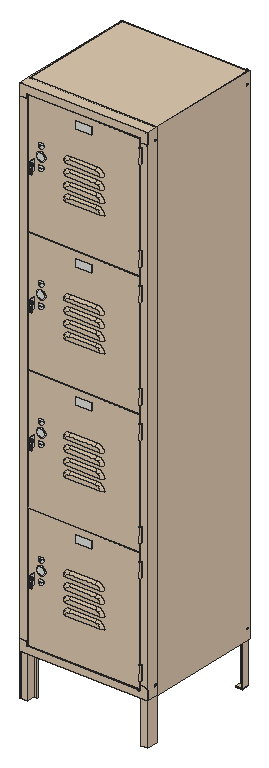
Revit family "Metal_Lockers-Salsbury_Industries-18_54000_Series-1_Wide_Units", category Specialty Equipment, Revit 2016 (continued)
Definition of nested family "Metal Locker Doors-18 inch with Latch Hasps"
  Forms (in)
    Extrusion 6, void
      sketch origin (0, -0.45, 0) x (1, 0, 0) y (0, 0, 1)
        loop
          line (-7.263, 9.399) -> (-7.263, 7.961) -> (-7.013, 7.961) -> (-7.013, 9.399) -> (-7.263, 9.399)
      from -0.9 to 0
    Blend 7, solid, material <- "Primary Structure Material", visible <- "Visible"
      base sketch origin (0.875, -0.45, 3.057) x (1, 0, 0) y (0, 0, 1)
        loop
          line (-3.75, 7.593) -> (2, 7.593)
          arc (2, 7.593) -> (1.70711, 8.30011) -> (1, 8.593) r 1
          line (1, 8.593) -> (-2.75, 8.593)
          arc (-2.75, 8.593) -> (-3.45711, 8.30011) -> (-3.75, 7.593) r 1
      top sketch origin (0.875, -0.6375, 3.057) x (1, 0, 0) y (0, 0, 1)
        loop
          line (-3.30734, 7.593) -> (1.55734, 7.593)
          arc (1.55734, 7.593) -> (1.39259, 7.99075) -> (0.99484, 8.1555) r 0.5625
          line (0.99484, 8.1555) -> (-2.74484, 8.1555)
          arc (-2.74484, 8.1555) -> (-3.14259, 7.99075) -> (-3.30734, 7.593) r 0.5625
      from 0 to 0
    Blend 8, solid, material <- "Primary Structure Material", visible <- "Visible"
      base sketch origin (0.875, -0.45, 4.501) x (1, 0, 0) y (0, 0, 1)
        loop
          line (-3.75, 4.524) -> (2, 4.524)
          arc (2, 4.524) -> (1.70711, 5.23111) -> (1, 5.524) r 1
          line (1, 5.524) -> (-2.75, 5.524)
          arc (-2.75, 5.524) -> (-3.45711, 5.23111) -> (-3.75, 4.524) r 1
      top sketch origin (0.875, -0.6375, 4.501) x (1, 0, 0) y (0, 0, 1)
        loop
          line (-3.30734, 4.524) -> (1.55734, 4.524)
          arc (1.55734, 4.524) -> (1.39612, 4.91321) -> (1.00691, 5.07443) r 0.55043
          line (1.00691, 5.07443) -> (-2.75691, 5.07443)
          arc (-2.75691, 5.07443) -> (-3.14612, 4.91321) -> (-3.30734, 4.524) r 0.55043
      from 0 to 0
    Blend 9, solid, material <- "Primary Structure Material", visible <- "Visible"
      base sketch origin (0.875, -0.45, -0.193) x (1, 0, 0) y (0, 0, 1)
        loop
          line (-3.75, 7.593) -> (2, 7.593)
          arc (2, 7.593) -> (1.70711, 8.30011) -> (1, 8.593) r 1
          line (1, 8.593) -> (-2.75, 8.593)
          arc (-2.75, 8.593) -> (-3.45711, 8.30011) -> (-3.75, 7.593) r 1
      top sketch origin (0.875, -0.6375, -0.193) x (1, 0, 0) y (0, 0, 1)
        loop
          line (-3.30734, 7.593) -> (1.55734, 7.593)
          arc (1.55734, 7.593) -> (1.40401, 7.96317) -> (1.03384, 8.1165) r 0.5235
          line (1.03384, 8.1165) -> (-2.78384, 8.1165)
          arc (-2.78384, 8.1165) -> (-3.15401, 7.96317) -> (-3.30734, 7.593) r 0.5235
      from 0 to 0
    Blend 10, solid, material <- "Primary Structure Material", visible <- "Visible"
      base sketch origin (0.875, -0.45, 1.251) x (1, 0, 0) y (0, 0, 1)
        loop
          line (-3.75, 4.524) -> (2, 4.524)
          arc (2, 4.524) -> (1.70711, 5.23111) -> (1, 5.524) r 1
          line (1, 5.524) -> (-2.75, 5.524)
          arc (-2.75, 5.524) -> (-3.45711, 5.23111) -> (-3.75, 4.524) r 1
      top sketch origin (0.875, -0.6375, 1.251) x (1, 0, 0) y (0, 0, 1)
        loop
          line (-3.30734, 4.524) -> (1.55734, 4.524)
          arc (1.55734, 4.524) -> (1.39629, 4.9128) -> (1.00749, 5.07385) r 0.54985
          line (1.00749, 5.07385) -> (-2.75749, 5.07385)
          arc (-2.75749, 5.07385) -> (-3.14629, 4.9128) -> (-3.30734, 4.524) r 0.54985
      from 0 to 0
    Blend 11, solid, material <- "Hasp Plate Rivet Material", visible <- "Visible", detail levels medium+fine
      base sketch origin (0, -0.45, 0) x (1, 0, 0) y (0, 0, 1)
        loop
          circle (-6.076, 8.68) r 0.375
      top sketch origin (0, -0.45, 0) x (1, 0, 0) y (0, 0, 1)
        loop
          circle (-6.076, 8.68) r 0.09706
      from 0 to 0.03497
    Blend 12, solid, material <- "Hasp Plate Rivet Material", visible <- "Visible", detail levels medium+fine
      base sketch origin (0, -0.45, 2.83682) x (1, 0, 0) y (0, 0, 1)
        loop
          circle (-6.076, 8.68) r 0.375
      top sketch origin (0, -0.45, 2.83682) x (1, 0, 0) y (0, 0, 1)
        loop
          circle (-6.076, 8.68) r 0.09706
      from 0 to 0.03497
    Blend 13, solid, material <- "Hasp Plate Rivet Material", visible <- "Visible", detail levels medium+fine
      base sketch origin (0, -0.45, -0.16841) x (1, 0, 0) y (0, 0, 1)
        loop
          circle (-6.076, 10.26682) r 0.625
      top sketch origin (0, -0.45, -0.16841) x (1, 0, 0) y (0, 0, 1)
        loop
          circle (-6.076, 10.26682) r 0.58088
      from 0 to 0.03497
    Extrusion 14, solid, material <- "Hasp Plate Rivet Material", visible <- "Visible"
      sketch origin (0, 0, 7.961) x (0, -1, 0) y (1, 0, 0)
        loop
          line (-0.45, -7.07527) -> (-0.45, -7.13777) -> (1.2, -7.13777)
          arc (1.2, -7.13777) -> (1.24419, -7.11946) -> (1.2625, -7.07527) r 0.0625
          line (1.2625, -7.07527) -> (1.2625, -6.76277) -> (1.20579, -6.76277) -> (1.20579, -7.0127)
          arc (1.20579, -7.0127) -> (1.18746, -7.05694) -> (1.14322, -7.07527) r 0.06257
          line (1.14322, -7.07527) -> (-0.45, -7.07527)
      from 0 to 1.438
    Extrusion 15, solid, material <- "Hasp Plate Rivet Material", visible <- "Visible"
      sketch origin (0, 0, 7.961) x (0, -1, 0) y (1, 0, 0)
        loop
          line (-0.45, -7.20027) -> (1.2625, -7.20027) -> (1.2625, -7.13777) -> (-0.45, -7.13777) -> (-0.45, -7.20027)
      from 0 to 1.438
    Extrusion 16, void
      sketch origin (-7.013, 0, 0) x (0, 0, -1) y (0, -1, 0)
        loop
          circle (-8.68, 0.82219) r 0.375
      from 0 to 0.25
  Cuts and joins
    Extrusion 3, Extrusion 6 cuts Extrusion 1
    Extrusion 16 cuts Extrusion 14
    Extrusion 16 cuts Extrusion 15
  Lines and regions (in)
    symbolic lines
      curve 1: line (-7.9505, -0.45, 17.36) -> (7.9505, -0.45, 17.36)
      curve 2: line (-7.9505, -0.45, 0) -> (-7.9505, -0.45, 17.36)
      curve 3: line (7.9505, -0.45, 0) -> (-7.9505, -0.45, 0)
      curve 4: line (7.9505, -0.45, 17.36) -> (7.9505, -0.45, 0)
      curve 5: line (2.43234, -0.6375, 7.961) -> (2.875, -0.45, 7.961)
      curve 6: line (-2.43234, -0.6375, 7.961) -> (-2.875, -0.45, 7.961)
      curve 7: line (-2.43234, -0.6375, 7.961) -> (2.43234, -0.6375, 7.961)
      curve 8: line (-2.875, -0.45, 10.65) -> (2.875, -0.45, 10.65)
      curve 9: line (1.875, -0.45, 11.65) -> (-1.875, -0.45, 11.65)
      curve 10: line (-2.875, -0.45, 9.025) -> (2.875, -0.45, 9.025)
      curve 11: line (1.875, -0.45, 10.025) -> (-1.875, -0.45, 10.025)
      curve 12: line (-2.875, -0.45, 7.4) -> (2.875, -0.45, 7.4)
      curve 13: line (1.875, -0.45, 8.4) -> (-1.875, -0.45, 8.4)
      curve 14: line (-2.875, -0.45, 5.775) -> (2.875, -0.45, 5.775)
      curve 15: line (1.875, -0.45, 6.775) -> (-1.875, -0.45, 6.775)
      curve 16: arc (-2.875, -0.45, 10.65) -> (-2.58211, -0.45, 11.35711) -> (-1.875, -0.45, 11.65) r 1
      curve 17: arc (2.875, -0.45, 10.65) -> (2.58211, -0.45, 11.35711) -> (1.875, -0.45, 11.65) r 1
      curve 18: arc (-2.875, -0.45, 9.025) -> (-2.58211, -0.45, 9.73211) -> (-1.875, -0.45, 10.025) r 1
      curve 19: arc (2.875, -0.45, 9.025) -> (2.58211, -0.45, 9.73211) -> (1.875, -0.45, 10.025) r 1
      curve 20: arc (-2.875, -0.45, 7.4) -> (-2.58211, -0.45, 8.10711) -> (-1.875, -0.45, 8.4) r 1
      curve 21: arc (2.875, -0.45, 7.4) -> (2.58211, -0.45, 8.10711) -> (1.875, -0.45, 8.4) r 1
      curve 22: arc (-2.875, -0.45, 5.775) -> (-2.58211, -0.45, 6.48211) -> (-1.875, -0.45, 6.775) r 1
      curve 23: arc (2.875, -0.45, 5.775) -> (2.58211, -0.45, 6.48211) -> (1.875, -0.45, 6.775) r 1
      curve 24: line (-7.013, -1.2625, 9.399) -> (-7.013, -0.45, 9.399)
      curve 25: line (-7.013, -1.2625, 7.961) -> (-7.013, -0.45, 7.961)
      curve 26: line (-7.013, -1.2625, 9.399) -> (-7.013, -1.2625, 7.961)
      curve 27: line (-7.20027, -0.44719, 7.961) -> (-7.13777, -0.44719, 7.961)
      curve 28: line (-7.20027, -1.2625, 7.961) -> (-7.20027, -0.44719, 7.961)
      curve 29: line (-7.13777, -1.2625, 7.961) -> (-7.20027, -1.2625, 7.961)
      curve 30: line (-7.13777, -0.44719, 7.961) -> (-7.13777, -1.2625, 7.961)
      curve 31: line (-7.07527, -0.44719, 7.961) -> (-7.07527, -1.14322, 7.961)
      curve 32: line (-7.0127, -1.20579, 7.961) -> (-6.76277, -1.20579, 7.961)
      curve 33: line (-6.76277, -1.20579, 7.961) -> (-6.76277, -1.2625, 7.961)
      curve 34: line (-6.76277, -1.2625, 7.961) -> (-7.07527, -1.2625, 7.961)
      curve 35: arc (-7.07527, -1.2625, 7.961) -> (-7.11946, -1.24419, 7.961) -> (-7.13777, -1.2, 7.961) r 0.0625
      curve 36: arc (-7.07527, -1.14322, 7.961) -> (-7.05694, -1.18746, 7.961) -> (-7.0127, -1.20579, 7.961) r 0.06257
      curve 37: line (-7.20027, -0.45, 9.399) -> (-6.76277, -0.45, 9.399)
      curve 38: line (-7.20027, -0.45, 7.961) -> (-7.20027, -0.45, 9.399)
      curve 39: line (-6.76277, -0.45, 7.961) -> (-7.20027, -0.45, 7.961)
      curve 40: line (-6.76277, -0.45, 9.399) -> (-6.76277, -0.45, 7.961)
      curve 41: line (-7.13777, -0.45, 9.399) -> (-7.13777, -0.45, 7.961)
      curve 42: circle (-6.076, -0.45, 10.09841) r 0.625 normal (0, -1, 0)
      curve 43: circle (-6.076, -0.45, 11.51682) r 0.37228 normal (0, -1, 0)
      curve 44: circle (-6.076, -0.45, 8.68) r 0.375 normal (0, -1, 0)
  Dimensions and locks (in)
    equal spacing: plane 5 "Top of Door", plane 4 "Center (Top/Bottom)", plane 2 "Bottom of Door"
    "Height": plane 5 "Top of Door" to plane 2 "Bottom of Door"
    equal spacing: plane 8 "Front of Door", plane 1 "Center (Front/Back)", plane 9 "Back of Door"
    "Depth": plane 8 "Front of Door" to plane 9 "Back of Door"
    equal spacing: plane 7 "Left Side of Door", plane 3 "Center (Left/Right)", plane 6 "Right Side of Door"
    "Width": plane 7 "Left Side of Door" to plane 6 "Right Side of Door"
    "Number Plate Alignment": plane 5 "Top of Door" to plane 10 "Top of Number Plate" to plane 22
    equal spacing: plane 17 "Left Side of Louvers", plane 3 "Center (Left/Right)", plane 18 "Right Side of Louvers"
    "Louver Width": plane 17 "Left Side of Louvers" to plane 18 "Right Side of Louvers"
    "Louver Set Vertical Alignment": plane 5 "Top of Door" to plane 11 "Top of Top Vent 1"
    plane 11 "Top of Top Vent 1" to plane 12 "Top of Top Vent 2" to plane 13 "Top of Top Vent 3" to plane 14 "Top of Top Vent 4" = 1.625", 1.625", 1.625"
    plane 29 "Top Hasp Stud Align" to plane 28 "Center Hasp Stud Align" to plane 15 "Top of Hasp Alignment" to plane 4 "Center (Top/Bottom)" to plane 16 "Bottom of Hasp Alignment" = 1.41841", 0.69941", 0.719", 0.719"
    "Hasp Height": plane 15 "Top of Hasp Alignment" to plane 16 "Bottom of Hasp Alignment"
    locked: plane 19 "Front of Louvers" to plane 8 "Front of Door" at 0.1875
    plane 20 to plane 3 "Center (Left/Right)" to plane 21 = 1.094" locked, 1.094" locked
    "Hinge 1 Placement": plane 5 "Top of Door" to plane 25 "Top of Hinge 1"
    "Hinge 2 Placement": plane 5 "Top of Door" to plane 24 "Top of Hinge 2"
    plane 7 "Left Side of Door" to plane 26 "Left Hasp Hole Align" to plane 27 "Right Hasp Hole Align" to plane 30 "Vertical Hasp Stud Align" = 0.6875" locked, 0.250" locked, 0.937" locked
    plane 11 "Top of Top Vent 1" to plane 31 = 1.000"
    plane 12 "Top of Top Vent 2" to plane 32 = 1.000"
    plane 13 "Top of Top Vent 3" to plane 33 = 1.000"
    plane 14 "Top of Top Vent 4" to plane 34 = 1.000"
    locked: plane 36 to plane 35 "Vertical Center Hasp Align" at 0.0625
    locked: plane 35 "Vertical Center Hasp Align" to plane 37 at 0.375
    locked: plane 26 "Left Hasp Hole Align" to plane 35 "Vertical Center Hasp Align" at 0.12523
    plane 17 "Left Side of Louvers" to plane 39 = 0.44266"
    plane 38 to plane 18 "Right Side of Louvers" = 0.44266"
    aligned and locked: level to plane 2 "Bottom of Door"
    aligned and locked: plane 5 "Top of Door" to Extrusion 1 sketch curve
    aligned and locked: Extrusion 1 sketch curve to plane 7 "Left Side of Door"
    aligned and locked: Extrusion 1 sketch curve to plane 2 "Bottom of Door"
    aligned and locked: plane 6 "Right Side of Door" to Extrusion 1 sketch curve
    aligned and locked: Extrusion 6 sketch curve to plane 15 "Top of Hasp Alignment"
    aligned and locked: Extrusion 6 sketch curve to plane 26 "Left Hasp Hole Align"
    aligned and locked: plane 16 "Bottom of Hasp Alignment" to Extrusion 6 sketch curve
    aligned and locked: plane 27 "Right Hasp Hole Align" to Extrusion 6 sketch curve
    aligned and locked: plane 11 "Top of Top Vent 1" to Blend 7
    aligned and locked: plane 12 "Top of Top Vent 2" to Blend 8
    aligned and locked: plane 13 "Top of Top Vent 3" to Blend 9
    aligned and locked: plane 14 "Top of Top Vent 4" to Blend 10
    aligned and locked: Blend 7 to plane 31
    aligned and locked: Blend 7 sketch curve to plane 11 "Top of Top Vent 1"
    aligned and locked: Blend 7 sketch curve to plane 31  (x2)
    aligned and locked: Blend 8 sketch curve to plane 12 "Top of Top Vent 2"
    aligned and locked: Blend 8 sketch curve to plane 32  (x2)
    aligned and locked: Blend 9 sketch curve to plane 13 "Top of Top Vent 3"
    aligned and locked: Blend 9 sketch curve to plane 33  (x2)
    aligned and locked: Blend 10 sketch curve to plane 14 "Top of Top Vent 4"
    aligned and locked: Blend 10 sketch curve to plane 34  (x2)
    aligned and locked: plane 29 "Top Hasp Stud Align" to Blend 12 sketch curve  (x2)
    aligned and locked: plane 4 "Center (Top/Bottom)" to Blend 11 sketch curve  (x2)
    aligned and locked: plane 28 "Center Hasp Stud Align" to Blend 13 sketch curve  (x2)
    aligned and locked: plane 35 "Vertical Center Hasp Align" to Extrusion 15 sketch curve
    aligned and locked: plane 35 "Vertical Center Hasp Align" to Extrusion 14 sketch curve
    aligned and locked: plane 4 "Center (Top/Bottom)" to Extrusion 16 sketch curve
    aligned and locked: plane 36 to cut or joined group of Extrusion 15, Extrusion 16
    aligned and locked: plane 37 to cut or joined group of Extrusion 14, Extrusion 16
    aligned and locked: curve 1 to cut or joined group of Extrusion 1, Extrusion 3, Extrusion 6
    aligned and locked: curve 2 to cut or joined group of Extrusion 1, Extrusion 3, Extrusion 6
    aligned and locked: curve 3 to cut or joined group of Extrusion 1, Extrusion 3, Extrusion 6
    aligned and locked: curve 4 to cut or joined group of Extrusion 1, Extrusion 3, Extrusion 6
    aligned and locked: curve 5 to Blend 8
    aligned and locked: curve 6 to Blend 8
    aligned and locked: curve 8 to Blend 7
    aligned and locked: curve 9 to Blend 7
    aligned and locked: curve 10 to Blend 8
    aligned and locked: curve 11 to Blend 8
    aligned and locked: curve 12 to Blend 9
    aligned and locked: curve 13 to Blend 9
    aligned and locked: curve 14 to Blend 10
    aligned and locked: curve 15 to Blend 10
    aligned and locked: curve 24 to cut or joined group of Extrusion 14, Extrusion 16
    aligned and locked: curve 25 to cut or joined group of Extrusion 14, Extrusion 16
    aligned and locked: curve 26 to cut or joined group of Extrusion 14, Extrusion 16
    aligned and locked: curve 28 to cut or joined group of Extrusion 15, Extrusion 16
    aligned and locked: curve 29 to cut or joined group of Extrusion 15, Extrusion 16
    aligned and locked: cut or joined group of Extrusion 15, Extrusion 16 to curve 30
    aligned and locked: cut or joined group of Extrusion 14, Extrusion 16 to curve 31
    aligned and locked: curve 32 to cut or joined group of Extrusion 14, Extrusion 16
    aligned and locked: curve 33 to cut or joined group of Extrusion 14, Extrusion 16
    aligned and locked: curve 34 to cut or joined group of Extrusion 14, Extrusion 16
    aligned and locked: curve 37 to cut or joined group of Extrusion 15, Extrusion 16
    aligned and locked: curve 38 to cut or joined group of Extrusion 15, Extrusion 16
    aligned and locked: curve 39 to cut or joined group of Extrusion 14, Extrusion 16
    aligned and locked: curve 40 to cut or joined group of Extrusion 14, Extrusion 16
    aligned and locked: curve 41 to cut or joined group of Extrusion 14, Extrusion 16
  Automatic sketch dimensions
    Extrusion 2 sketch curve to plane 3 "Center (Left/Right)" = 0.000"  (x2)
    plane 17 "Left Side of Louvers" to Extrusion 2 sketch curve = 0.14094"
    Extrusion 2 sketch curve to plane 18 "Right Side of Louvers" = 0.14094"
    Extrusion 2 sketch curve to level = 4.03954"
    plane 25 "Top of Hinge 1" to Extrusion 2 sketch curve = 0.31079"  (x2)
    Extrusion 2 sketch curve to plane 5 "Top of Door" = 12.81272"
    Extrusion 2 sketch curve to plane 20 = 0.02553"  (x2)
    plane 21 to Extrusion 2 sketch curve = 0.02553"
    Extrusion 2 sketch curve to plane 22 = 0.03897"
    plane 13 "Top of Top Vent 3" to Extrusion 3 sketch curve = 0.06135"
    Extrusion 3 sketch curve to plane 1 "Center (Front/Back)" = 0.0313"
    Extrusion 4 sketch curve to plane 6 "Right Side of Door" = 0.000"
    plane 8 "Front of Door" to Extrusion 4 sketch curve = 0.000"
    Extrusion 4 sketch curve to plane 19 "Front of Louvers" = 0.0625"
    Extrusion 4 sketch curve to plane 6 "Right Side of Door" = 0.125"
    Extrusion 5 sketch curve to plane 6 "Right Side of Door" = 0.000"
    plane 8 "Front of Door" to Extrusion 5 sketch curve = 0.000"
    Extrusion 5 sketch curve to plane 19 "Front of Louvers" = 0.0625"
    Extrusion 5 sketch curve to plane 6 "Right Side of Door" = 0.125"
    plane 17 "Left Side of Louvers" to Blend 7 sketch curve = 0.000"
    plane 18 "Right Side of Louvers" to Blend 7 sketch curve = 0.000"
    plane 23 "Center Hasp" to Blend 7 sketch curve = 0.65684"
    plane 20 to Blend 7 sketch curve = 0.77584"
    Blend 7 sketch curve to plane 21 = 0.77584"
    plane 17 "Left Side of Louvers" to Blend 8 sketch curve = 0.000"
    plane 18 "Right Side of Louvers" to Blend 8 sketch curve = 0.000"
    plane 23 "Center Hasp" to Blend 8 sketch curve = 0.65684"
    plane 20 to Blend 8 sketch curve = 0.78791"
    Blend 8 sketch curve to plane 21 = 0.78791"
    plane 17 "Left Side of Louvers" to Blend 9 sketch curve = 0.000"
    plane 18 "Right Side of Louvers" to Blend 9 sketch curve = 0.000"
    plane 23 "Center Hasp" to Blend 9 sketch curve = 0.65684"
    plane 16 "Bottom of Hasp Alignment" to Blend 9 sketch curve = 0.0375"
    Blend 9 sketch curve to plane 21 = 0.81484"
    plane 17 "Left Side of Louvers" to Blend 10 sketch curve = 0.000"
    plane 18 "Right Side of Louvers" to Blend 10 sketch curve = 0.000"
    plane 23 "Center Hasp" to Blend 10 sketch curve = 0.65684"
    plane 20 to Blend 10 sketch curve = 0.78849"
    Blend 10 sketch curve to plane 21 = 0.78849"
    plane 30 "Vertical Hasp Stud Align" to Blend 11 sketch curve = 0.000"  (x2)
    plane 30 "Vertical Hasp Stud Align" to Blend 12 sketch curve = 0.000"  (x2)
    plane 30 "Vertical Hasp Stud Align" to Blend 13 sketch curve = 0.000"  (x2)
    Extrusion 14 sketch curve to plane 1 "Center (Front/Back)" = 0.450"
    plane 27 "Right Hasp Hole Align" to Extrusion 14 sketch curve = 0.06227"
    Extrusion 14 sketch curve to plane 27 "Right Hasp Hole Align" = 0.0003"
    plane 19 "Front of Louvers" to Extrusion 14 sketch curve = 0.50572"
    Extrusion 14 sketch curve to Extrusion 14 sketch curve = 0.05678"
    Extrusion 14 sketch curve to Extrusion 14 sketch curve = 0.24993"
    plane 9 "Back of Door" to Extrusion 15 sketch curve = 0.000"
    plane 19 "Front of Louvers" to Extrusion 15 sketch curve = 0.625"
    Extrusion 15 sketch curve to plane 26 "Left Hasp Hole Align" = 0.06273"
    Extrusion 14 sketch curve to Extrusion 14 sketch curve = 0.06257"
    plane 19 "Front of Louvers" to Extrusion 16 sketch curve = 0.18469"
    curve 24 to plane 8 "Front of Door" = 0.000"
    curve 25 to plane 8 "Front of Door" = 0.000"
    curve 6 to plane 17 "Left Side of Louvers" = 0.000"
    curve 5 to plane 18 "Right Side of Louvers" = 0.000"
    curve 5 to plane 38 = 0.000"
    curve 30 to plane 8 "Front of Door" = 0.00281"
    curve 36 to plane 27 "Right Hasp Hole Align" = 0.0003"
    curve 36 to curve 35 = 0.05678"
    curve 31 to plane 8 "Front of Door" = 0.00281"
    curve 43 to plane 29 "Top Hasp Stud Align" = 0.000"
    plane 30 "Vertical Hasp Stud Align" to curve 43 = 0.000"
    curve 42 to plane 28 "Center Hasp Stud Align" = 0.000"
    plane 30 "Vertical Hasp Stud Align" to curve 42 = 0.000"
    curve 44 to plane 4 "Center (Top/Bottom)" = 0.000"
    plane 30 "Vertical Hasp Stud Align" to curve 44 = 0.000"
    plane 17 "Left Side of Louvers" to curve 20 = 0.000"
    plane 17 "Left Side of Louvers" to curve 10 = 0.000"
    plane 17 "Left Side of Louvers" to curve 14 = 0.000"
    plane 17 "Left Side of Louvers" to curve 8 = 0.000"
    plane 18 "Right Side of Louvers" to curve 23 = 0.000"
    plane 18 "Right Side of Louvers" to curve 10 = 0.000"
    plane 18 "Right Side of Louvers" to curve 21 = 0.000"
    plane 18 "Right Side of Louvers" to curve 17 = 0.000"
    radius of Extrusion 3 sketch curve = 0.200"
    radius of Blend 11 sketch curve = 0.375"
    radius of Blend 11 sketch curve = 0.09706"
    radius of Blend 12 sketch curve = 0.375"
    radius of Blend 12 sketch curve = 0.09706"
    radius of Blend 13 sketch curve = 0.625"
    radius of Blend 13 sketch curve = 0.58088"
    radius of Extrusion 16 sketch curve = 0.375"
    radius of curve 42 = 0.625"
    radius of curve 43 = 0.37228"
    radius of curve 44 = 0.375"
Definition of nested family "Metal Locker Front Base"
  Parameters (values of type "77748 - for 18" W Lockers with Legs")
    Width = 16.013"
    Visible [instance] = yes
    Version = "1.0 (11/30/15)"
    Type Comments = "Front Base for Standard Metal Lockers"
    Primary Structure Material = none
    Model = "77748"
    MasterFormat Title = ""
    MasterFormat Number = ""
    Manufacturer = "Salsbury Industries"
    Description = "Front Base for 18\" Wide Lockers"
    Depth = 1.185"
    Height = 6.000"
    Assembly Code = ""
  Types (4): name | Width | Visible | Model | Description
    77742 - for 12" W Lockers with Legs | 10.040" | yes | "77742" | "Front Base for 12\" Wide Lockers"
    77745 - for 15" W Lockers with Legs | 13.013" | yes | "77745" | "Front Base for 15\" Wide Lockers"
    None | 10.040" | no | "77742" | "Front Base for 12\" Wide Lockers"
    77748 - for 18" W Lockers with Legs | 16.013" | yes | "77748" | "Front Base for 18\" Wide Lockers"
  Reference planes (in)
    plane 1 "Center (Front/Back)": y = -5.417
    plane 2: z = 0
    plane 3 "Center (Left/Right)": x = 0
    plane 4 "Floor": z = 0
    plane 5 "Top of Enclosure": z = 6
    plane 6 "Front of Enclosure": y = -6.005
    plane 7 "Right Side of Enclosure": x = 8.0065
    plane 8 "Left Side of Enclosure": x = -8.0065
    plane 9 "Back of Enclosure": y = -4.82
  Forms (in)
    Extrusion 1, solid, material <- "Primary Structure Material", visible <- "Visible"
      sketch origin (0, -6.005, 0) x (1, 0, 0) y (0, 0, 1)
        loop
          line (-8.0065, 6) -> (-8.0065, 0) -> (8.0065, 0) -> (8.0065, 6) -> (-8.0065, 6)
      from -0.06 to 0
    Extrusion 2, solid, material <- "Primary Structure Material", visible <- "Visible"
      sketch origin (0, 0, 0) x (0, 1, 0) y (0, 0, 1)
        loop
          line (-5.945, 6) -> (-5.945, 5.94) -> (-4.82, 5.94) -> (-4.82, 6) -> (-5.945, 6)
      from -8.0065 to 8.0065
    Extrusion 3, solid, material <- "Primary Structure Material", visible <- "Visible"
      sketch origin (8.0065, 0, 0) x (0, 0, -1) y (0, -1, 0)
        loop
          line (-5.75, 5.945) -> (-5.75, 4.82) -> (-0.25, 4.82) -> (-0.25, 5.945) -> (-5.75, 5.945)
      from 0 to 0.06
    Extrusion 4, solid, material <- "Primary Structure Material", visible <- "Visible"
      sketch origin (-8.0065, 0, 0) x (0, 0, -1) y (0, -1, 0)
        loop
          line (-5.75, 5.945) -> (-5.75, 4.82) -> (-0.25, 4.82) -> (-0.25, 5.945) -> (-5.75, 5.945)
      from 0 to -0.06
  Dimensions and locks (in)
    "Height": plane 5 "Top of Enclosure" to plane 4 "Floor"
    plane 6 "Front of Enclosure" to plane 1 "Center (Front/Back)" = 0.588"
    "Depth": plane 6 "Front of Enclosure" to plane 9 "Back of Enclosure"
    equal spacing: plane 8 "Left Side of Enclosure", plane 3 "Center (Left/Right)", plane 7 "Right Side of Enclosure"
    "Width": plane 8 "Left Side of Enclosure" to plane 7 "Right Side of Enclosure"
    aligned and locked: level to plane 2
    aligned and locked: plane 8 "Left Side of Enclosure" to Extrusion 2
    aligned and locked: Extrusion 2 to plane 7 "Right Side of Enclosure"
    aligned and locked: Extrusion 1 to plane 7 "Right Side of Enclosure"
  Automatic sketch dimensions
    Extrusion 1 sketch curve to Extrusion 1 sketch curve = 16.013"
    Extrusion 1 sketch curve to Extrusion 1 sketch curve = 6.000"
    Extrusion 2 sketch curve to Extrusion 2 sketch curve = 1.125"
    Extrusion 2 sketch curve to Extrusion 2 sketch curve = 0.060"
    Extrusion 3 sketch curve to Extrusion 3 sketch curve = 5.500"
    Extrusion 3 sketch curve to Extrusion 3 sketch curve = 1.125"
    Extrusion 4 sketch curve to Extrusion 4 sketch curve = 5.500"
    Extrusion 4 sketch curve to Extrusion 4 sketch curve = 1.125"
    Extrusion 1 sketch curve to level = 0.000"
    plane 8 "Left Side of Enclosure" to Extrusion 1 sketch curve = 0.000"
    plane 5 "Top of Enclosure" to Extrusion 2 sketch curve = 0.000"
    Extrusion 2 sketch curve to plane 9 "Back of Enclosure" = 0.000"
    Extrusion 3 sketch curve to plane 9 "Back of Enclosure" = 0.000"
    plane 5 "Top of Enclosure" to Extrusion 3 sketch curve = 0.250"
    Extrusion 4 sketch curve to plane 9 "Back of Enclosure" = 0.000"
    plane 5 "Top of Enclosure" to Extrusion 4 sketch curve = 0.250"
Definition of nested family "Metal Locker Right Side Base"
  Parameters (values of type "77731 Right - for 21" D Lockers with Legs")
    Width including Rivet [instance] = 1.290"
    Visible = yes
    Primary Structure Material = none
    Depth = 19.422"
    Version = "1.0 (11/30/15)"
    Type Comments = "End Base for Standard Metal Lockers"
    Model = "77731"
    MasterFormat Title = ""
    MasterFormat Number = ""
    Manufacturer = "Salsbury Industries"
    Description = "1.25\"W x 6\" H x 19\"D"
    Width = 1.250"
    Height = 6.000"
    Assembly Code = ""
  Types (5): name | Visible | Depth | Model | Description
    77732 Right - for 12" D Lockers with Legs | yes | 10.422" | "77732" | "1.25\"W x 6\" H x 10\"D"
    77735 Right - for 15" D Lockers with Legs | yes | 13.422" | "77735" | "1.25\"W x 6\" H x 13\"D"
    77738 Right - for 18" D Lockers with Legs | yes | 16.422" | "77738" | "1.25\"W x 6\" H x 16\"D"
    None | no | 10.422" | "" | ""
    77731 Right - for 21" D Lockers with Legs | yes | 19.422" | "77731" | "1.25\"W x 6\" H x 19\"D"
  Reference planes (in)
    plane 1 "Center (Front/Back)": y = 0
    plane 2: z = 0
    plane 3 "Center (Left/Right)": x = 5.395
    plane 4 "Floor": z = 0
    plane 5 "Top of Enclosure": z = 6
    plane 6 "Left Side of Unit": x = 4.77
    plane 7 "Right Side of Unit": x = 6.02
    plane 8 "Left Edge of Enclosure": y = -9.711
    plane 9 "Right Edge of Enclosure": y = 9.711
    plane 10 "Left Edge of Insert": y = -10.77647
    plane 11 "Right Edge of Insert": y = -9.65147
    plane 12 "Rivet Edge": x = 6.06
  Forms (in)
    Extrusion 1, solid, material <- "Primary Structure Material", visible <- "Visible"
      sketch origin (6.02, 0, 0) x (0, 0, -1) y (0, -1, 0)
        loop
          line (-6, 9.711) -> (-6, -9.711) -> (0, -9.711) -> (0, 9.711) -> (-6, 9.711)
      from 0 to 0.06
    Extrusion 2, solid, material <- "Primary Structure Material", visible <- "Visible"
      sketch origin (0, 0, 6) x (0, -1, 0) y (1, 0, 0)
        loop
          line (9.65147, 5.96) -> (9.65147, 5.9) -> (10.77647, 5.9) -> (10.77647, 5.96) -> (9.65147, 5.96)
      from -6 to 0
    Extrusion 3, solid, material <- "Primary Structure Material", visible <- "Visible"
      sketch origin (6.02, 0, 0) x (0, 0, -1) y (0, -1, 0)
        loop
          line (-6, 9.40147) -> (-6, -8.461) -> (-5.94, -8.461) -> (-5.94, 9.40147) -> (-6, 9.40147)
      from 0.06 to 1.25
    Extrusion 4, solid, material <- "Primary Structure Material", visible <- "Visible"
      sketch origin (6.02, 0, -5.94) x (0, 0, -1) y (0, -1, 0)
        loop
          line (-6, 9.40147) -> (-6, -8.461) -> (-5.94, -8.461) -> (-5.94, 9.40147) -> (-6, 9.40147)
      from 0.06 to 1.25
  Dimensions and locks (in)
    "Height": plane 5 "Top of Enclosure" to plane 4 "Floor"
    plane 10 "Left Edge of Insert" to plane 8 "Left Edge of Enclosure" to plane 11 "Right Edge of Insert" = 1.06547" locked, 0.05953" locked
    equal spacing: plane 8 "Left Edge of Enclosure", plane 1 "Center (Front/Back)", plane 9 "Right Edge of Enclosure"
    "Depth": plane 8 "Left Edge of Enclosure" to plane 9 "Right Edge of Enclosure"
    equal spacing: plane 6 "Left Side of Unit", plane 3 "Center (Left/Right)", plane 7 "Right Side of Unit"
    "Width": plane 6 "Left Side of Unit" to plane 7 "Right Side of Unit"
    locked: plane 7 "Right Side of Unit" to plane 12 "Rivet Edge" at 0.04
    "Width including Rivet": plane 6 "Left Side of Unit" to plane 12 "Rivet Edge"
    aligned and locked: level to plane 2
    aligned and locked: plane 11 "Right Edge of Insert" to Extrusion 2
    aligned and locked: plane 10 "Left Edge of Insert" to Extrusion 2
    aligned and locked: Extrusion 3 to Extrusion 1
    aligned and locked: plane 6 "Left Side of Unit" to Extrusion 3
  Automatic sketch dimensions
    plane 5 "Top of Enclosure" to Extrusion 1 sketch curve = 0.000"
    Extrusion 1 sketch curve to level = 0.000"
    Extrusion 2 sketch curve to plane 8 "Left Edge of Enclosure" = 0.05953"
    plane 7 "Right Side of Unit" to Extrusion 2 sketch curve = 0.120"
    Extrusion 2 sketch curve to Extrusion 2 sketch curve = 0.060"
    Extrusion 1 sketch curve to plane 8 "Left Edge of Enclosure" = 0.000"
    Extrusion 1 sketch curve to plane 9 "Right Edge of Enclosure" = 0.000"
    plane 10 "Left Edge of Insert" to Extrusion 2 sketch curve = 0.000"
    plane 5 "Top of Enclosure" to Extrusion 3 sketch curve = 0.000"
    Extrusion 3 sketch curve to Extrusion 3 sketch curve = 0.060"
    plane 9 "Right Edge of Enclosure" to Extrusion 3 sketch curve = 1.250"
    Extrusion 3 sketch curve to plane 11 "Right Edge of Insert" = 0.250"
    Extrusion 4 sketch curve to level = 0.000"
    level to Extrusion 4 sketch curve = 0.060"
    plane 9 "Right Edge of Enclosure" to Extrusion 4 sketch curve = 1.250"
    Extrusion 4 sketch curve to plane 11 "Right Edge of Insert" = 0.250"
Definition of nested family "Metal Locker Left Side Base"
  Parameters (values of type "77731 Left - for 21" D Lockers with Legs")
    Width including Rivet [instance] = 1.290"
    Visible = yes
    Primary Structure Material = none
    Depth = 19.422"
    Version = "1.0 (11/30/15)"
    Type Comments = "End Base for Standard Metal Lockers"
    Model = "77731"
    MasterFormat Title = ""
    MasterFormat Number = ""
    Manufacturer = "Salsbury Industries"
    Description = "1.25\"W x 6\" H x 19\"D"
    Width = 1.250"
    Height = 6.000"
    Assembly Code = ""
  Types (5): name | Visible | Depth | Model | Description
    77732 Left - for 12" D Lockers with Legs | yes | 10.422" | "77732" | "1.25\"W x 6\" H x 10\"D"
    77735 Left - for 15" D Lockers with Legs | yes | 13.422" | "77735" | "1.25\"W x 6\" H x 13\"D"
    77738 Left - for 18" D Lockers with Legs | yes | 16.422" | "77738" | "1.25\"W x 6\" H x 16\"D"
    None | no | 10.422" | "" | ""
    77731 Left - for 21" D Lockers with Legs | yes | 19.422" | "77731" | "1.25\"W x 6\" H x 19\"D"
  Reference planes (in)
    plane 1 "Center (Front/Back)": y = 0
    plane 2: z = 0
    plane 3 "Center (Left/Right)": x = 5.395
    plane 4 "Floor": z = 0
    plane 5 "Top of Enclosure": z = 6
    plane 6 "Left Side of Unit": x = 4.77
    plane 7 "Right Side of Unit": x = 6.02
    plane 8 "Left Edge of Enclosure": y = -9.711
    plane 9 "Right Edge of Enclosure": y = 9.711
    plane 10 "Left Edge of Insert": y = -10.77647
    plane 11 "Right Edge of Insert": y = -9.65147
    plane 12 "Edge of Rivet": x = 4.73
  Forms (in)
    Extrusion 1, solid, material <- "Primary Structure Material", visible <- "Visible"
      sketch origin (6.02, 0, 0) x (0, 0, -1) y (0, -1, 0)
        loop
          line (-6, 9.40147) -> (-6, -8.461) -> (-5.94, -8.461) -> (-5.94, 9.40147) -> (-6, 9.40147)
      from 0 to 1.19
    Extrusion 2, solid, material <- "Primary Structure Material", visible <- "Visible"
      sketch origin (6.02, 0, -5.94) x (0, 0, -1) y (0, -1, 0)
        loop
          line (-6, 9.40147) -> (-6, -8.461) -> (-5.94, -8.461) -> (-5.94, 9.40147) -> (-6, 9.40147)
      from 0 to 1.19
    Extrusion 3, solid, material <- "Primary Structure Material", visible <- "Visible"
      sketch origin (4.77, 0, 0) x (0, 0, -1) y (0, 1, 0)
        loop
          line (-6, -9.711) -> (0, -9.711) -> (0, 9.711) -> (-6, 9.711) -> (-6, -9.711)
      from 0 to 0.06
    Extrusion 4, solid, material <- "Primary Structure Material", visible <- "Visible"
      sketch origin (10.79, 0, 6) x (0, -1, 0) y (1, 0, 0)
        loop
          line (9.65147, -5.96) -> (10.77647, -5.96) -> (10.77647, -5.9) -> (9.65147, -5.9) -> (9.65147, -5.96)
      from -6 to 0
  Dimensions and locks (in)
    "Height": plane 5 "Top of Enclosure" to plane 4 "Floor"
    plane 10 "Left Edge of Insert" to plane 8 "Left Edge of Enclosure" to plane 11 "Right Edge of Insert" = 1.06547" locked, 0.05953" locked
    equal spacing: plane 8 "Left Edge of Enclosure", plane 1 "Center (Front/Back)", plane 9 "Right Edge of Enclosure"
    "Depth": plane 8 "Left Edge of Enclosure" to plane 9 "Right Edge of Enclosure"
    equal spacing: plane 6 "Left Side of Unit", plane 3 "Center (Left/Right)", plane 7 "Right Side of Unit"
    "Width": plane 6 "Left Side of Unit" to plane 7 "Right Side of Unit"
    "Width including Rivet": plane 12 "Edge of Rivet" to plane 7 "Right Side of Unit"
    plane 12 "Edge of Rivet" to plane 6 "Left Side of Unit" = 0.040"
    aligned and locked: level to plane 2
    aligned and locked: Extrusion 1 to Extrusion 3
    aligned and locked: Extrusion 2 to Extrusion 3
  Automatic sketch dimensions
    plane 5 "Top of Enclosure" to Extrusion 1 sketch curve = 0.000"
    Extrusion 1 sketch curve to Extrusion 1 sketch curve = 0.060"
    plane 9 "Right Edge of Enclosure" to Extrusion 1 sketch curve = 1.250"
    Extrusion 1 sketch curve to plane 11 "Right Edge of Insert" = 0.250"
    Extrusion 2 sketch curve to level = 0.000"
    level to Extrusion 2 sketch curve = 0.060"
    plane 9 "Right Edge of Enclosure" to Extrusion 2 sketch curve = 1.250"
    Extrusion 2 sketch curve to plane 11 "Right Edge of Insert" = 0.250"
    plane 5 "Top of Enclosure" to Extrusion 3 sketch curve = 0.000"
    Extrusion 3 sketch curve to level = 0.000"
    Extrusion 3 sketch curve to plane 8 "Left Edge of Enclosure" = 0.000"
    Extrusion 3 sketch curve to plane 9 "Right Edge of Enclosure" = 0.000"
    plane 11 "Right Edge of Insert" to Extrusion 4 sketch curve = 0.000"
    plane 10 "Left Edge of Insert" to Extrusion 4 sketch curve = 0.000"
    plane 6 "Left Side of Unit" to Extrusion 4 sketch curve = 0.120"
    Extrusion 4 sketch curve to Extrusion 4 sketch curve = 0.060"
Definition of nested family "Metal Locker Zee Base"
  Parameters (values of type "77571 - 18"W x 21"D")
    Width = 18.040"
    Visible = yes
    Version = "1.0 (11/30/15)"
    Type Comments = "Zee Base Kit for Standard Metal Lockers - No Legs"
    Primary Structure Material = none
    Model = "77571"
    MasterFormat Title = ""
    MasterFormat Number = ""
    Manufacturer = "Salsbury Industries"
    Description = "4\" H x 6' L - for 21\" Deep Lockers (Includes 6 Foot Front Base, 2 End Bases, Corner Splicer and 4 Rear Legs)"
    Depth = 21.010"
    Height = 4.000"
    Assembly Code = ""
  Types (9): name | Width | Visible | Model | Description | Depth
    77572- 12" W x 12" D | 12.040" | yes | "77572" | "4\" H x 6' L - for 12\" Deep Lockers (Includes 6 Foot Front Base, 2 End Bases, Corner Splicer and 4 Rear Legs)" | 12.010"
    77575 - 12" W x 15" D | 12.040" | yes | "77575" | "4\" H x 6' L - for 15\" Deep Lockers (Includes 6 Foot Front Base, 2 End Bases, Corner Splicer and 4 Rear Legs)" | 15.010"
    77578 - 12"W x 18"D | 12.040" | yes | "77578" | "4\" H x 6' L - for 18\" Deep Lockers (Includes 6 Foot Front Base, 2 End Bases, Corner Splicer and 4 Rear Legs)" | 18.010"
    77575 - 15"W x 15"D | 15.040" | yes | "77575" | "4\" H x 6' L - for 15\" Deep Lockers (Includes 6 Foot Front Base, 2 End Bases, Corner Splicer and 4 Rear Legs)" | 15.010"
    77578 - 15"W x 18"D | 15.040" | yes | "77578" | "4\" H x 6' L - for 18\" Deep Lockers (Includes 6 Foot Front Base, 2 End Bases, Corner Splicer and 4 Rear Legs)" | 18.010"
    None | 12.040" | no | "77572" | "4\" H x 6' L - for 12\" Deep Lockers (Includes 6 Foot Front Base, 2 End Bases, Corner Splicer and 4 Rear Legs)" | 12.010"
    77578 - 12"W x 18" D (Bridge) | 12.007" | yes | "77578" | "4\" H x 6' L - for 18\" Deep Lockers (Includes 6 Foot Front Base, 2 End Bases, Corner Splicer and 4 Rear Legs)" | 18.010"
    77578 - 18"W x 18"D | 18.040" | yes | "77578" | "4\" H x 6' L - for 18\" Deep Lockers (Includes 6 Foot Front Base, 2 End Bases, Corner Splicer and 4 Rear Legs)" | 18.010"
    77571 - 18"W x 21"D | 18.040" | yes | "77571" | "4\" H x 6' L - for 21\" Deep Lockers (Includes 6 Foot Front Base, 2 End Bases, Corner Splicer and 4 Rear Legs)" | 21.010"
  Reference planes (in)
    plane 1 "Center (Front/Back)": y = 0
    plane 2: z = 0
    plane 3 "Center (Left/Right)": x = 0
    plane 4 "Floor": z = 0
    plane 5 "Bottom of Unit": z = 4
    plane 6 "Left Side of Unit": x = -9.02
    plane 7 "Right Side of Unit": x = 9.02
    plane 8 "Back of Unit": y = 10.505
    plane 9 "Front of Unit": y = -10.505
    plane 10 "Right Side of Door Opening": x = 8.02
    plane 11 "Left Side of Door Opening": x = -8.02
    plane 12 "Top of back legs": z = 4.185
    plane 13 "Back Edge of Front Facing": y = -8.917
    plane 14 "Inside Edge of Front Leg": x = -7.58
    plane 15 "Inside Edge of Right Leg": x = 7.58
    plane 16: y = -9.32
    plane 17 "Back Edge of Rear Legs": y = 10.395
    plane 18 "Right Edge of Rear Right Leg": x = 8.9
    plane 19 "Left Edge or Rear Left Leg": x = -8.9
    plane 20: y = 9.395
    plane 21 "Inside Edge or Rear Right Leg": x = 7.9
    plane 22 "Inside Edge or Left Rear Leg": x = -7.9
  Forms (in)
    Extrusion 1, solid, material <- "Primary Structure Material", visible <- "Visible"
      sketch origin (0, 0, 0) x (0, -1, 0) y (1, 0, 0)
        loop
          line (-10.395, 8.9) -> (-10.395, 7.9) -> (-10.335, 7.9) -> (-10.335, 8.84) -> (-9.395, 8.84) -> (-9.395, 8.9) -> (-10.395, 8.9)
      from 0.06 to 4.185
    Extrusion 2, solid, material <- "Primary Structure Material", visible <- "Visible"
      sketch origin (0, 0, 0) x (0, -1, 0) y (1, 0, 0)
        loop
          line (-10.395, 8.9) -> (-10.395, 7.9) -> (-9.395, 7.9) -> (-9.395, 8.9) -> (-10.395, 8.9)
      from 0 to 0.06
    Extrusion 3, solid, material <- "Primary Structure Material", visible <- "Visible"
      sketch origin (0, 0, 0) x (0, -1, 0) y (1, 0, 0)
        loop
          line (-10.395, -8.9) -> (-9.395, -8.9) -> (-9.395, -8.84) -> (-10.335, -8.84) -> (-10.335, -7.9) -> (-10.395, -7.9) -> (-10.395, -8.9)
      from 0.06 to 4.185
    Extrusion 4, solid, material <- "Primary Structure Material", visible <- "Visible"
      sketch origin (0, 0, 0) x (0, -1, 0) y (1, 0, 0)
        loop
          line (-10.395, -8.9) -> (-9.395, -8.9) -> (-9.395, -7.9) -> (-10.395, -7.9) -> (-10.395, -8.9)
      from 0 to 0.06
    Extrusion 5, solid, material <- "Primary Structure Material", visible <- "Visible"
      sketch origin (0, 0, 0) x (0, 1, 0) y (0, 0, 1)
        loop
          line (-10.505, 4) -> (-10.505, 3.94) -> (-8.917, 3.94) -> (-8.917, 0) -> (-7.269, 0) -> (-7.269, 0.06) -> (-8.857, 0.06) -> (-8.857, 4) -> (-10.505, 4)
      from -9.02 to 9.02
  Dimensions and locks (in)
    equal spacing: plane 6 "Left Side of Unit", plane 3 "Center (Left/Right)", plane 7 "Right Side of Unit"
    "Width": plane 6 "Left Side of Unit" to plane 7 "Right Side of Unit"
    "Height": plane 5 "Bottom of Unit" to plane 4 "Floor"
    equal spacing: plane 9 "Front of Unit", plane 1 "Center (Front/Back)", plane 8 "Back of Unit"
    "Depth": plane 9 "Front of Unit" to plane 8 "Back of Unit"
    plane 12 "Top of back legs" to plane 5 "Bottom of Unit" = 0.185"
    plane 6 "Left Side of Unit" to plane 11 "Left Side of Door Opening" = 1.000"
    plane 10 "Right Side of Door Opening" to plane 7 "Right Side of Unit" = 1.000"
    locked: plane 9 "Front of Unit" to plane 13 "Back Edge of Front Facing" at 1.588
    plane 11 "Left Side of Door Opening" to plane 14 "Inside Edge of Front Leg" = 0.440"
    plane 15 "Inside Edge of Right Leg" to plane 10 "Right Side of Door Opening" = 0.440"
    plane 9 "Front of Unit" to plane 16 = 1.185"
    plane 15 "Inside Edge of Right Leg" to plane 21 "Inside Edge or Rear Right Leg" to plane 10 "Right Side of Door Opening" to plane 18 "Right Edge of Rear Right Leg" to plane 7 "Right Side of Unit" = 0.320", 0.120", 0.880", 0.120"
    plane 6 "Left Side of Unit" to plane 19 "Left Edge or Rear Left Leg" to plane 11 "Left Side of Door Opening" to plane 22 "Inside Edge or Left Rear Leg" to plane 14 "Inside Edge of Front Leg" = 0.120", 0.880", 0.120", 0.320"
    plane 20 to plane 17 "Back Edge of Rear Legs" to plane 8 "Back of Unit" = 1.000", 0.110"
    aligned and locked: level to plane 2
    aligned and locked: Extrusion 1 to Extrusion 2
    aligned and locked: Extrusion 4 to Extrusion 3
    aligned and locked: Extrusion 1 to plane 18 "Right Edge of Rear Right Leg"
    aligned and locked: Extrusion 1 to plane 17 "Back Edge of Rear Legs"
    aligned and locked: Extrusion 3 to plane 19 "Left Edge or Rear Left Leg"
    aligned and locked: Extrusion 3 to plane 17 "Back Edge of Rear Legs"
    aligned and locked: Extrusion 1 to plane 12 "Top of back legs"
    aligned and locked: Extrusion 3 to plane 12 "Top of back legs"
    aligned and locked: Extrusion 5 to plane 7 "Right Side of Unit"
    aligned and locked: plane 6 "Left Side of Unit" to Extrusion 5
  Automatic sketch dimensions
    plane 17 "Back Edge of Rear Legs" to Extrusion 1 sketch curve = 0.000"
    Extrusion 1 sketch curve to plane 21 "Inside Edge or Rear Right Leg" = 0.000"
    Extrusion 1 sketch curve to plane 18 "Right Edge of Rear Right Leg" = 0.000"
    plane 20 to Extrusion 1 sketch curve = 0.000"
    plane 17 "Back Edge of Rear Legs" to Extrusion 1 sketch curve = 0.060"
    plane 18 "Right Edge of Rear Right Leg" to Extrusion 1 sketch curve = 0.060"
    plane 17 "Back Edge of Rear Legs" to Extrusion 2 sketch curve = 0.000"
    Extrusion 2 sketch curve to plane 18 "Right Edge of Rear Right Leg" = 0.000"
    plane 20 to Extrusion 2 sketch curve = 0.000"
    Extrusion 2 sketch curve to plane 21 "Inside Edge or Rear Right Leg" = 0.000"
    plane 17 "Back Edge of Rear Legs" to Extrusion 3 sketch curve = 0.000"
    Extrusion 3 sketch curve to plane 22 "Inside Edge or Left Rear Leg" = 0.000"
    Extrusion 3 sketch curve to plane 19 "Left Edge or Rear Left Leg" = 0.000"
    plane 20 to Extrusion 3 sketch curve = 0.000"
    Extrusion 3 sketch curve to plane 17 "Back Edge of Rear Legs" = 0.060"
    Extrusion 3 sketch curve to plane 19 "Left Edge or Rear Left Leg" = 0.060"
    plane 17 "Back Edge of Rear Legs" to Extrusion 4 sketch curve = 0.000"
    Extrusion 4 sketch curve to plane 19 "Left Edge or Rear Left Leg" = 0.000"
    plane 20 to Extrusion 4 sketch curve = 0.000"
    Extrusion 4 sketch curve to plane 22 "Inside Edge or Left Rear Leg" = 0.000"
    Extrusion 5 sketch curve to plane 9 "Front of Unit" = 0.000"
    Extrusion 5 sketch curve to level = 0.000"
    Extrusion 5 sketch curve to plane 13 "Back Edge of Front Facing" = 0.000"
    plane 5 "Bottom of Unit" to Extrusion 5 sketch curve = 0.000"
    Extrusion 5 sketch curve to plane 13 "Back Edge of Front Facing" = 0.060"
    Extrusion 5 sketch curve to Extrusion 5 sketch curve = 1.588"
    level to Extrusion 5 sketch curve = 0.060"
    plane 5 "Bottom of Unit" to Extrusion 5 sketch curve = 0.060"
Definition of nested family "Metal Locker Zee Base-Right Side"
  Parameters (values of type "77571 Right - 21" D")
    Width including Rivet [instance] = 1.290"
    Visible = yes
    Primary Structure Material = none
    Depth = 19.362"
    Version = "1.0 (11/30/15)"
    Type Comments = "Zee Base Kit for Standard Metal Lockers - No Legs"
    Model = "77571"
    MasterFormat Title = ""
    MasterFormat Number = ""
    Manufacturer = "Salsbury Industries"
    Description = "4\" H x 6' L - for 21\" Deep Lockers (Includes 6 Foot Front Base, 2 End Bases, Corner Splicer and 4 Rear Legs)"
    Width = 4.000"
    Height = 4.000"
    Assembly Code = ""
  Types (5): name | Visible | Depth | Type Comments | Model | Description
    77572 Right - 12" D | yes | 10.362" | "Zee Base Kit for Standard Metal Lockers - No Legs" | "77572" | "4\" H x 6' L - for 12\" Deep Lockers (Includes 6 Foot Front Base, 2 End Bases, Corner Splicer and 4 Rear Legs)"
    77575 Right - 15" D | yes | 13.362" | "Zee Base Kit for Standard Metal Lockers - No Legs" | "77575" | "4\" H x 6' L - for 15\" Deep Lockers (Includes 6 Foot Front Base, 2 End Bases, Corner Splicer and 4 Rear Legs)"
    77578 Right - 18" D | yes | 16.362" | "Zee Base Kit for Standard Metal Lockers - No Legs" | "77578" | "4\" H x 6' L - for 18\" Deep Lockers (Includes 6 Foot Front Base, 2 End Bases, Corner Splicer and 4 Rear Legs)"
    None | no | 10.362" | "End Base for Standard Metal Lockers" | "" | ""
    77571 Right - 21" D | yes | 19.362" | "Zee Base Kit for Standard Metal Lockers - No Legs" | "77571" | "4\" H x 6' L - for 21\" Deep Lockers (Includes 6 Foot Front Base, 2 End Bases, Corner Splicer and 4 Rear Legs)"
  Reference planes (in)
    plane 1 "Center (Front/Back)": y = 0
    plane 2: z = 0
    plane 3 "Center (Left/Right)": x = 3.99
    plane 4 "Floor": z = 0
    plane 5 "Top of Enclosure": z = 4
    plane 6 "Left Edge of Insert": x = 4.77
    plane 7 "Right Side of Unit": x = 5.99
    plane 8 "Left Edge of Enclosure": y = -9.681
    plane 9 "Right Edge of Enclosure": y = 9.681
    plane 10 "Bottom Edge of Enclosure": z = 0.06
    plane 11 "Left Edge of Base": x = 1.99
  Forms (in)
    Extrusion 1, solid, material <- "Primary Structure Material", visible <- "Visible"
      sketch origin (5.99, 0, 0) x (0, 0, -1) y (0, -1, 0)
        loop
          line (-4, 8.43967) -> (-4, -8.431) -> (-3.94, -8.431) -> (-3.94, 8.43967) -> (-4, 8.43967)
      from 0.06 to 1.22
    Extrusion 2, solid, material <- "Primary Structure Material", visible <- "Visible"
      sketch origin (0, 0, 0) x (0, -1, 0) y (1, 0, 0)
        loop
          line (-9.681, 1.99) -> (-9.621, 1.99) -> (-9.621, 5.93) -> (9.621, 5.93) -> (9.621, 1.99) -> (9.681, 1.99) -> (9.681, 5.99) -> (-9.681, 5.99) -> (-9.681, 1.99)
      from 0.06 to 4
  Dimensions and locks (in)
    "Height": plane 5 "Top of Enclosure" to plane 4 "Floor"
    equal spacing: plane 8 "Left Edge of Enclosure", plane 1 "Center (Front/Back)", plane 9 "Right Edge of Enclosure"
    "Depth": plane 8 "Left Edge of Enclosure" to plane 9 "Right Edge of Enclosure"
    "Width": plane 11 "Left Edge of Base" to plane 7 "Right Side of Unit"
    equal spacing: plane 11 "Left Edge of Base", plane 3 "Center (Left/Right)", plane 7 "Right Side of Unit"
    locked: plane 4 "Floor" to plane 10 "Bottom Edge of Enclosure" at 0.06
    aligned and locked: level to plane 2
    aligned and locked: plane 6 "Left Edge of Insert" to Extrusion 1
    aligned and locked: Extrusion 2 to plane 9 "Right Edge of Enclosure"
    aligned and locked: Extrusion 2 to plane 10 "Bottom Edge of Enclosure"
    aligned and locked: Extrusion 2 to plane 11 "Left Edge of Base"
  Automatic sketch dimensions
    plane 5 "Top of Enclosure" to Extrusion 1 sketch curve = 0.000"
    Extrusion 1 sketch curve to Extrusion 1 sketch curve = 0.060"
    plane 9 "Right Edge of Enclosure" to Extrusion 1 sketch curve = 1.250"
    Extrusion 1 sketch curve to plane 8 "Left Edge of Enclosure" = 1.24133"
    Extrusion 2 sketch curve to plane 7 "Right Side of Unit" = 0.000"
    plane 9 "Right Edge of Enclosure" to Extrusion 2 sketch curve = 0.000"
    plane 6 "Left Edge of Insert" to Extrusion 2 sketch curve = 2.780"  (x2)
    Extrusion 2 sketch curve to Extrusion 2 sketch curve = 0.060"
    plane 7 "Right Side of Unit" to Extrusion 2 sketch curve = 0.060"
    Extrusion 2 sketch curve to plane 8 "Left Edge of Enclosure" = 0.060"
    Extrusion 2 sketch curve to plane 8 "Left Edge of Enclosure" = 0.000"
Definition of nested family "Metal Locker Zee Base-Left Side"
  Parameters (values of type "77571 Left- 21" D")
    Width including Rivet [instance] = 1.290"
    Visible = yes
    Primary Structure Material = none
    Depth = 19.362"
    Version = "1.0 (11/30/15)"
    Type Comments = "Zee Base Kit for Standard Metal Lockers - No Legs"
    Model = "77571"
    MasterFormat Title = ""
    MasterFormat Number = ""
    Manufacturer = "Salsbury Industries"
    Description = "4\" H x 6' L - for 21\" Deep Lockers (Includes 6 Foot Front Base, 2 End Bases, Corner Splicer and 4 Rear Legs)"
    Width = 4.000"
    Height = 4.000"
    Assembly Code = ""
  Types (5): name | Visible | Depth | Type Comments | Model | Description
    77572 Left - 12" D | yes | 10.362" | "Zee Base Kit for Standard Metal Lockers - No Legs" | "77572" | "4\" H x 6' L - for 12\" Deep Lockers (Includes 6 Foot Front Base, 2 End Bases, Corner Splicer and 4 Rear Legs)"
    77575 Left - 15" D | yes | 13.362" | "Zee Base Kit for Standard Metal Lockers - No Legs" | "77575" | "4\" H x 6' L - for 15\" Deep Lockers (Includes 6 Foot Front Base, 2 End Bases, Corner Splicer and 4 Rear Legs)"
    77578 Left- 18" D | yes | 16.362" | "Zee Base Kit for Standard Metal Lockers - No Legs" | "77578" | "4\" H x 6' L - for 18\" Deep Lockers (Includes 6 Foot Front Base, 2 End Bases, Corner Splicer and 4 Rear Legs)"
    None | no | 10.362" | "End Base for Standard Metal Lockers" | "" | ""
    77571 Left- 21" D | yes | 19.362" | "Zee Base Kit for Standard Metal Lockers - No Legs" | "77571" | "4\" H x 6' L - for 21\" Deep Lockers (Includes 6 Foot Front Base, 2 End Bases, Corner Splicer and 4 Rear Legs)"
  Reference planes (in)
    plane 1 "Center (Front/Back)": y = 0
    plane 2: z = 0
    plane 3 "Center (Left/Right)": x = 3.99
    plane 4 "Floor": z = 0
    plane 5 "Top of Enclosure": z = 4
    plane 6 "Right Side of Unit": x = 5.99
    plane 7 "Left Edge of Enclosure": y = -9.681
    plane 8 "Right Edge of Enclosure": y = 9.681
    plane 9 "Bottom Edge of Enclosure": z = 0.06
    plane 10 "Left Edge of Base": x = 1.99
    plane 11 "Right Edge of Inser": x = 3.21
  Forms (in)
    Extrusion 1, solid, material <- "Primary Structure Material", visible <- "Visible"
      sketch origin (7.98, 0, 0) x (0, -1, 0) y (1, 0, 0)
        loop
          line (-9.681, -1.99) -> (-9.681, -5.99) -> (9.681, -5.99) -> (9.681, -1.99) -> (9.621, -1.99) -> (9.621, -5.93) -> (-9.621, -5.93) -> (-9.621, -1.99) -> (-9.681, -1.99)
      from 0.06 to 4
    Extrusion 2, solid, material <- "Primary Structure Material", visible <- "Visible"
      sketch origin (1.99, 0, 0) x (0, 0, -1) y (0, 1, 0)
        loop
          line (-4, -8.43967) -> (-3.94, -8.43967) -> (-3.94, 8.431) -> (-4, 8.431) -> (-4, -8.43967)
      from 0.06 to 1.22
  Dimensions and locks (in)
    "Height": plane 5 "Top of Enclosure" to plane 4 "Floor"
    equal spacing: plane 7 "Left Edge of Enclosure", plane 1 "Center (Front/Back)", plane 8 "Right Edge of Enclosure"
    "Depth": plane 7 "Left Edge of Enclosure" to plane 8 "Right Edge of Enclosure"
    "Width": plane 10 "Left Edge of Base" to plane 6 "Right Side of Unit"
    equal spacing: plane 10 "Left Edge of Base", plane 3 "Center (Left/Right)", plane 6 "Right Side of Unit"
    locked: plane 4 "Floor" to plane 9 "Bottom Edge of Enclosure" at 0.06
    aligned and locked: level to plane 2
    aligned and locked: Extrusion 1 to plane 10 "Left Edge of Base"
  Automatic sketch dimensions
    plane 8 "Right Edge of Enclosure" to Extrusion 1 sketch curve = 0.000"
    Extrusion 1 sketch curve to plane 6 "Right Side of Unit" = 0.000"  (x2)
    plane 7 "Left Edge of Enclosure" to Extrusion 1 sketch curve = 0.000"
    Extrusion 1 sketch curve to plane 10 "Left Edge of Base" = 0.000"
    Extrusion 1 sketch curve to Extrusion 1 sketch curve = 0.060"
    plane 7 "Left Edge of Enclosure" to Extrusion 1 sketch curve = 0.060"
    plane 10 "Left Edge of Base" to Extrusion 1 sketch curve = 0.060"
    plane 5 "Top of Enclosure" to Extrusion 2 sketch curve = 0.000"
    Extrusion 2 sketch curve to Extrusion 2 sketch curve = 0.060"
    Extrusion 2 sketch curve to plane 7 "Left Edge of Enclosure" = 1.24133"
    plane 8 "Right Edge of Enclosure" to Extrusion 2 sketch curve = 1.250"
Definition of nested family "Metal Locker Zee Base Corner"
  Parameters (values of type "77572, 77575, 77578, 77571")
    Width = 2.000"
    Visible = yes
    Version = "1.0 (11/30/15)"
    Type Comments = "Zee Base Kit for Standard Metal Lockers - No Legs"
    Primary Structure Material = none
    Model = "n/a"
    Manufacturer = "Salsbury Industries"
    Height = 3.940"
    Description = "4\" H x 6' L - for 12\" Deep Lockers (Includes 6 Foot Front Base, 2 End Bases, Corner Splicer and 4 Rear Legs)"
    Depth = 2.000"
  Types (2): name | Visible
    77572, 77575, 77578, 77571 | yes
    None | no
  Reference planes (in)
    plane 1 "Center (Front/Back)": y = 0
    plane 2 "Bottom of Component": z = 0
    plane 3 "Center (Left/Right)": x = 0
    plane 4: z = 3.94
    plane 5: x = -1
    plane 6: x = 1
    plane 7 "Front": y = -1
    plane 8 "Back": y = 1
  Forms (in)
    Extrusion 1, solid, material <- "Primary Structure Material", visible <- "Visible"
      sketch origin (0, 0, 0) x (1, 0, 0) y (0, 1, 0)
        loop
          line (-1, 1) -> (-1, 0.94) -> (0.94, 0.94) -> (0.94, -1) -> (1, -1) -> (1, 1) -> (-1, 1)
      from 0 to 3.94
  Dimensions and locks (in)
    "Height": plane 4 to plane 2 "Bottom of Component"
    equal spacing: plane 5, plane 3 "Center (Left/Right)", plane 6
    "Width": plane 5 to plane 6
    equal spacing: plane 7 "Front", plane 1 "Center (Front/Back)", plane 8 "Back"
    "Depth": plane 7 "Front" to plane 8 "Back"
    aligned and locked: plane 2 "Bottom of Component" to level
  Automatic sketch dimensions
    Extrusion 1 sketch curve to plane 5 = 0.000"
    plane 7 "Front" to Extrusion 1 sketch curve = 0.000"
    Extrusion 1 sketch curve to plane 6 = 0.000"
    plane 8 "Back" to Extrusion 1 sketch curve = 0.000"
    plane 6 to Extrusion 1 sketch curve = 0.060"
    Extrusion 1 sketch curve to Extrusion 1 sketch curve = 0.060"
Definition of nested family "Metal Locker End Panel"
  Parameters (values of type "77361 - for 6' H X 21" D Lockers")
    Width = 0.925"
    Visible = yes
    Version = "1.0 (11/30/15)"
    Type Comments = "Finished End Panel for Standard Metal Lockers"
    Primary Structure Material = none
    Model = "77361"
    MasterFormat Title = ""
    MasterFormat Number = ""
    Manufacturer = "Salsbury Industries"
    Height = 72.000"
    Description = "End Panel for 6' H x 21\" Deep Lockers"
    Depth = 21.010"
    Assembly Code = ""
  Types (8): name | Visible | Model | Height | Description | Depth
    77362 - for 6' H x 12" D Lockers | yes | "77362" | 72.000" | "End Panel for 6' H x 12\" Deep Lockers" | 12.010"
    77365 - for 6' H x 15" D Lockers | yes | "77365" | 72.000" | "End Panel for 6' H x 15\" Deep Lockers" | 15.010"
    77368 - for 6' H X 18" D Lockers | yes | "77368" | 72.000" | "End Panel for 6' H x 18\" Deep Lockers" | 18.010"
    77352 - for 5' H x 12" D Lockers | yes | "77352" | 60.000" | "End Panel for 5' H x 12\" Deep Lockers" | 12.010"
    77355 - for 5' H x 15" D Lockers | yes | "77355" | 60.000" | "End Panel for 5' H x 15\" Deep Lockers" | 15.010"
    77358 - for 5' H x 18" D Lockers | yes | "77358" | 60.000" | "End Panel for 5' H x 18\" Deep Lockers" | 18.010"
    None | no | "n/a" | 72.000" | "" | 12.010"
    77361 - for 6' H X 21" D Lockers | yes | "77361" | 72.000" | "End Panel for 6' H x 21\" Deep Lockers" | 21.010"
  Reference planes (in)
    plane 1 "Center (Front/Back)": y = -2.167
    plane 2: z = 0
    plane 3 "Center (Left/Right)": x = -4.595
    plane 4 "Bottom of Panel": z = 0
    plane 5 "Top of Panel": z = 72
    plane 6 "Front of Panel": y = -12.672
    plane 7 "Right Side of Enclosure": x = -4.1325
    plane 8 "Left Side of Enclosure": x = -5.0575
    plane 9 "Back of Panel": y = 8.338
    plane 10: z = 36
    plane 11: z = 70.283
    plane 12: z = 1.717
    plane 13 "Outside Edge of Front Flap": y = -12.73214
    plane 14 "Outside Edge of Back Flap": y = 8.398
  Forms (in)
    Extrusion 1, solid, material <- "Primary Structure Material", visible <- "Visible"
      sketch origin (-4.1325, 0.48244, 0) x (0, 0, -1) y (0, -1, 0)
        loop
          line (-72, 13.21458) -> (-72, -7.91556) -> (0, -7.91556) -> (0, 13.21458) -> (-72, 13.21458)
      from 0 to -0.06
    Extrusion 2, solid, material <- "Primary Structure Material", visible <- "Visible"
      sketch origin (0, 8.338, 0) x (0, 0, -1) y (1, 0, 0)
        loop
          line (-72, -5.0575) -> (0, -5.0575) -> (0, -4.1325) -> (-72, -4.1325) -> (-72, -5.0575)
      from 0 to -0.06
    Extrusion 3, solid, material <- "Primary Structure Material", visible <- "Visible"
      sketch origin (0, -12.672, 0) x (1, 0, 0) y (0, 0, 1)
        loop
          line (-5.0575, 70.283) -> (-5.0575, 1.717) -> (-4.1325, 1.717) -> (-4.1325, 70.283) -> (-5.0575, 70.283)
      from 0.06014 to 0
  Dimensions and locks (in)
    equal spacing: plane 6 "Front of Panel", plane 1 "Center (Front/Back)", plane 9 "Back of Panel"
    "Depth": plane 6 "Front of Panel" to plane 9 "Back of Panel"
    equal spacing: plane 8 "Left Side of Enclosure", plane 3 "Center (Left/Right)", plane 7 "Right Side of Enclosure"
    "Width": plane 8 "Left Side of Enclosure" to plane 7 "Right Side of Enclosure"
    equal spacing: plane 5 "Top of Panel", plane 10, plane 2
    "Height": plane 5 "Top of Panel" to plane 2
    locked: plane 5 "Top of Panel" to plane 11 at 1.717
    locked: plane 13 "Outside Edge of Front Flap" to plane 6 "Front of Panel" at 0.06014
    locked: plane 9 "Back of Panel" to plane 14 "Outside Edge of Back Flap" at 0.06
